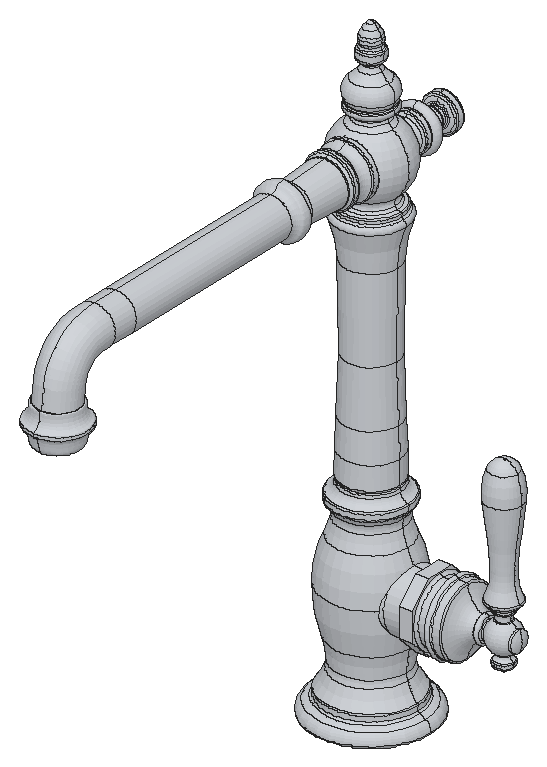
Revit family "Faucet-Kitchen_Sink-KOHLER-Artifacts-K-99266", category Plumbing Fixtures, host Face, Revit 2015 (continued)
Definition of nested family "K-99266"
  Lines and regions (in)
    Masking region 2
      outline origin (0, 0, 0) x (0, 1, 0) y (0, 0, 1)
        loop
          line (-0.66473, 9.89435) -> (-0.66473, 9.83618)
          arc (-0.66473, 9.83618) -> (-0.67259, 9.80929) -> (-0.69369, 9.79086) r 0.04995
          arc (-0.69369, 9.79086) -> (-0.74797, 9.73361) -> (-0.74816, 9.65471) r 0.10683
          arc (-0.74816, 9.65471) -> (-0.62552, 9.24225) -> (-0.57598, 8.81481) r 2.48157
          arc (-0.57598, 8.81481) -> (-0.55808, 7.902) -> (-0.55657, 6.98903) r 50.8622
          arc (-0.55657, 6.98903) -> (-0.5679, 6.37381) -> (-0.59287, 5.759) r 27.73623
          arc (-0.59287, 5.759) -> (-0.60713, 5.43268) -> (-0.61614, 5.10618) r 20.32695
          line (-0.61614, 5.10618) -> (-0.62598, 4.60312)
          arc (-0.62598, 4.60312) -> (-0.61837, 4.58397) -> (-0.59937, 4.57599) r 0.02661
          line (-0.59937, 4.57599) -> (-0.54559, 4.57599) -> (-0.60157, 4.56099)
          arc (-0.60157, 4.56099) -> (-0.61722, 4.55481) -> (-0.62442, 4.5396) r 0.0229
          arc (-0.62442, 4.5396) -> (-0.62772, 4.50883) -> (-0.63353, 4.47843) r 0.37771
          arc (-0.63353, 4.47843) -> (-0.69402, 4.3663) -> (-0.80287, 4.30007) r 0.24345
          arc (-0.80287, 4.30007) -> (-0.81556, 4.29131) -> (-0.82044, 4.27668) r 0.02435
          line (-0.82044, 4.27668) -> (-0.82044, 4.16101)
          arc (-0.82044, 4.16101) -> (-0.81713, 4.14355) -> (-0.80765, 4.12853) r 0.04761
          arc (-0.80765, 4.12853) -> (-0.75642, 4.06508) -> (-0.71474, 3.99498) r 0.57158
          arc (-0.71474, 3.99498) -> (-0.68633, 3.90276) -> (-0.68956, 3.80631) r 0.29179
          arc (-0.68956, 3.80631) -> (-0.73645, 3.62772) -> (-0.80344, 3.45566) r 1.61306
          arc (-0.80344, 3.45566) -> (-0.95793, 2.98867) -> (-1.00768, 2.49931) r 2.25907
          arc (-1.00768, 2.49931) -> (-0.96528, 1.99757) -> (-0.84688, 1.50815) r 3.29284
          arc (-0.84688, 1.50815) -> (-0.78771, 1.26508) -> (-0.7656, 1.01589) r 1.66656
          arc (-0.7656, 1.01589) -> (-0.77128, 0.93941) -> (-0.79021, 0.86509) r 0.43831
          arc (-0.79021, 0.86509) -> (-0.87889, 0.66678) -> (-0.9993, 0.48597) r 1.30208
          arc (-0.9993, 0.48597) -> (-1.00741, 0.47125) -> (-1.01021, 0.45469) r 0.05032
          line (-1.01021, 0.45469) -> (-1.01021, 0.35409)
          arc (-1.01021, 0.35409) -> (-1.02158, 0.3213) -> (-1.05081, 0.30257) r 0.05298
          arc (-1.05081, 0.30257) -> (-1.12218, 0.27792) -> (-1.1875, 0.24003) r 0.39168
          arc (-1.1875, 0.24003) -> (-1.27039, 0.14387) -> (-1.30021, 0.02048) r 0.27019
          arc (-1.30021, 0.02048) -> (-1.29421, 0.006) -> (-1.27974, 0) r 0.02048
          line (-1.27974, 0) -> (1.27974, 0)
          arc (1.27974, 0) -> (1.29421, 0.006) -> (1.30021, 0.02048) r 0.02048
    Masking region 3
      outline origin (0, 0, 0) x (1, 0, 0) y (0, 1, 0)
        loop
          arc (0.20222, 2.14226) -> (0.10421, 2.17988) -> (0, 2.19268) r 0.43075
          arc (0, 2.19268) -> (-0.10421, 2.17988) -> (-0.20222, 2.14226) r 0.43075
          arc (-0.20222, 2.14226) -> (-0.2344, 2.11794) -> (-0.2574, 2.08481) r 0.12784
          arc (-0.2574, 2.08481) -> (-0.26999, 2.06842) -> (-0.2881, 2.05845) r 0.05043
          line (-0.2881, 2.05845) -> (-0.38067, 2.03015)
          arc (-0.38067, 2.03015) -> (-0.3961, 2.01924) -> (-0.40202, 2.0013) r 0.03017
          line (-0.40202, 2.0013) -> (-0.40202, 1.879)
          arc (-0.40202, 1.879) -> (-0.39831, 1.86408) -> (-0.38806, 1.85262) r 0.03189
          arc (-0.38806, 1.85262) -> (-0.36732, 1.83914) -> (-0.34605, 1.82652) r 0.60339
          arc (-0.34605, 1.82652) -> (-0.30536, 1.80829) -> (-0.26199, 1.79796) r 0.2381
          arc (-0.26199, 1.79796) -> (-0.24199, 1.79367) -> (-0.22281, 1.78656) r 0.1428
          arc (-0.22281, 1.78656) -> (-0.20874, 1.77629) -> (-0.19988, 1.7613) r 0.0431
          arc (-0.19988, 1.7613) -> (-0.19184, 1.7329) -> (-0.18692, 1.7038) r 0.27224
          arc (-0.18692, 1.7038) -> (-0.19114, 1.68657) -> (-0.20553, 1.67621) r 0.02562
          arc (-0.20553, 1.67621) -> (-0.23116, 1.66028) -> (-0.24408, 1.63301) r 0.0535
          arc (-0.24408, 1.63301) -> (-0.23762, 1.59402) -> (-0.20911, 1.56667) r 0.06262
          arc (-0.20911, 1.56667) -> (-0.19431, 1.55234) -> (-0.19124, 1.53197) r 0.03217
          arc (-0.19124, 1.53197) -> (-0.20303, 1.50315) -> (-0.22565, 1.48173) r 0.07394
          arc (-0.22565, 1.48173) -> (-0.33419, 1.41882) -> (-0.44522, 1.36041) r 3.05802
          arc (-0.44522, 1.36041) -> (-0.50368, 1.29084) -> (-0.49303, 1.20059) r 0.11447
          arc (-0.49303, 1.20059) -> (-1.29786, 0.00777) -> (-0.50737, -1.1946) r 1.29788
          arc (-0.50737, -1.1946) -> (-0.50057, -1.20972) -> (-0.49675, -1.22585) r 0.08706
          arc (-0.49675, -1.22585) -> (-0.49483, -1.24209) -> (-0.49355, -1.2584) r 0.41994
          line (-0.49355, -1.2584) -> (-0.44029, -2.15988)
          arc (-0.44029, -2.15988) -> (-0.46405, -2.2613) -> (-0.53939, -2.33325) r 0.18267
          spline (-0.53939, -2.33325) -> (-0.55531, -2.34098) -> (-0.56996, -2.36186) -> (-0.57514, -2.39717) -> (-0.57498, -2.4373) -> (-0.5728, -2.47374) -> (-0.56846, -2.50211) -> (-0.56097, -2.51964) -> (-0.54729, -2.53166) -> (-0.52328, -2.54775) -> (-0.48762, -2.57739) -> (-0.45336, -2.62937) -> (-0.43804, -2.71226)
          line (-0.43804, -2.71226) -> (-0.43804, -8.02779)
          arc (-0.43804, -8.02779) -> (0, -9.14832) -> (0.43804, -8.02779) r 0.64589
          line (0.43804, -8.02779) -> (0.43804, -2.71226)
          spline (0.43804, -2.71226) -> (0.45336, -2.62937) -> (0.48762, -2.57739) -> (0.52328, -2.54775) -> (0.54729, -2.53166) -> (0.56097, -2.51964) -> (0.56846, -2.50211) -> (0.5728, -2.47374) -> (0.57498, -2.4373) -> (0.57514, -2.39717) -> (0.56996, -2.36186) -> (0.55531, -2.34098) -> (0.53939, -2.33325)
          arc (0.53939, -2.33325) -> (0.46405, -2.2613) -> (0.44029, -2.15988) r 0.18267
          line (0.44029, -2.15988) -> (0.49355, -1.2584)
          arc (0.49355, -1.2584) -> (0.49483, -1.24209) -> (0.49675, -1.22585) r 0.41994
          arc (0.49675, -1.22585) -> (0.50057, -1.20972) -> (0.50737, -1.1946) r 0.08706
          arc (0.50737, -1.1946) -> (0.85032, -0.98054) -> (1.11077, -0.67133) r 1.29788
          line (1.11077, -0.67133) -> (1.22963, -0.66655) -> (1.22963, -0.75335) -> (1.50398, -0.75335)
          arc (1.50398, -0.75335) -> (1.51571, -0.70392) -> (1.56064, -0.68021) r 0.06145
          line (1.56064, -0.68021) -> (1.77599, -0.67196) -> (1.77599, -0.76324)
          arc (1.77599, -0.76324) -> (1.82859, -0.79683) -> (1.88119, -0.76324) r 0.05798
          arc (1.88119, -0.76324) -> (1.89293, -0.7504) -> (1.90991, -0.74666) r 0.02881
          line (1.90991, -0.74666) -> (2.07431, -0.74666)
          arc (2.07431, -0.74666) -> (2.08901, -0.7361) -> (2.09337, -0.71854) r 0.0262
          spline (2.09337, -0.71854) -> (2.14708, -0.57184) -> (2.17672, -0.49317) -> (2.19104, -0.4586) -> (2.19879, -0.44424) -> (2.20794, -0.42937) -> (2.22269, -0.40861) -> (2.24588, -0.38134) -> (2.27488, -0.35078) -> (2.30126, -0.32416) -> (2.32126, -0.30611) -> (2.35355, -0.28845) -> (2.42317, -0.25939)
          arc (2.42317, -0.25939) -> (2.43897, -0.26343) -> (2.45115, -0.27427) r 0.03451
          arc (2.45115, -0.27427) -> (2.50604, -0.29603) -> (2.54425, -0.251) r 0.05065
          line (2.54425, -0.251) -> (2.54425, -0.18304)
          arc (2.54425, -0.18304) -> (2.85854, -0.38381) -> (3.19532, -0.22358) r 0.38455
          arc (3.19532, -0.22358) -> (3.21204, -0.22084) -> (3.22489, -0.20979) r 0.03132
          arc (3.22489, -0.20979) -> (3.27799, 0) -> (3.22489, 0.20979) r 0.441
          arc (3.22489, 0.20979) -> (3.21204, 0.22084) -> (3.19532, 0.22358) r 0.03132
          arc (3.19532, 0.22358) -> (2.85854, 0.38381) -> (2.54425, 0.18304) r 0.38455
          line (2.54425, 0.18304) -> (2.54425, 0.251)
          arc (2.54425, 0.251) -> (2.50604, 0.29603) -> (2.45115, 0.27427) r 0.05065
          arc (2.45115, 0.27427) -> (2.43897, 0.26343) -> (2.42317, 0.25939) r 0.03451
          spline (2.42317, 0.25939) -> (2.35355, 0.28845) -> (2.32126, 0.30611) -> (2.30126, 0.32416) -> (2.27488, 0.35078) -> (2.24588, 0.38134) -> (2.22269, 0.40861) -> (2.20794, 0.42937) -> (2.19879, 0.44424) -> (2.19104, 0.4586) -> (2.17672, 0.49317) -> (2.14708, 0.57184) -> (2.09337, 0.71854)
          arc (2.09337, 0.71854) -> (2.08901, 0.7361) -> (2.07431, 0.74666) r 0.0262
          line (2.07431, 0.74666) -> (1.90991, 0.74666)
          arc (1.90991, 0.74666) -> (1.89293, 0.7504) -> (1.88119, 0.76324) r 0.02881
          arc (1.88119, 0.76324) -> (1.82859, 0.79683) -> (1.77599, 0.76324) r 0.05798
          line (1.77599, 0.76324) -> (1.77599, 0.67196) -> (1.56064, 0.68021)
          arc (1.56064, 0.68021) -> (1.51571, 0.70392) -> (1.50398, 0.75335) r 0.06145
          line (1.50398, 0.75335) -> (1.22963, 0.75335) -> (1.22963, 0.66655) -> (1.11077, 0.67133)
          arc (1.11077, 0.67133) -> (0.84444, 0.98561) -> (0.49303, 1.20059) r 1.29788
          arc (0.49303, 1.20059) -> (0.50368, 1.29084) -> (0.44522, 1.36041) r 0.11447
          arc (0.44522, 1.36041) -> (0.33419, 1.41882) -> (0.22565, 1.48173) r 3.05802
          arc (0.22565, 1.48173) -> (0.20303, 1.50315) -> (0.19124, 1.53197) r 0.07394
          arc (0.19124, 1.53197) -> (0.19431, 1.55234) -> (0.20911, 1.56667) r 0.03217
          arc (0.20911, 1.56667) -> (0.23762, 1.59402) -> (0.24408, 1.63301) r 0.06262
          arc (0.24408, 1.63301) -> (0.23116, 1.66028) -> (0.20553, 1.67621) r 0.0535
          arc (0.20553, 1.67621) -> (0.19114, 1.68657) -> (0.18692, 1.7038) r 0.02562
          arc (0.18692, 1.7038) -> (0.19184, 1.7329) -> (0.19988, 1.7613) r 0.27224
          arc (0.19988, 1.7613) -> (0.20874, 1.77629) -> (0.22281, 1.78656) r 0.0431
          arc (0.22281, 1.78656) -> (0.24199, 1.79367) -> (0.26199, 1.79796) r 0.1428
          arc (0.26199, 1.79796) -> (0.30536, 1.80829) -> (0.34605, 1.82652) r 0.2381
          arc (0.34605, 1.82652) -> (0.36732, 1.83914) -> (0.38806, 1.85262) r 0.60339
          arc (0.38806, 1.85262) -> (0.39831, 1.86408) -> (0.40202, 1.879) r 0.03189
          line (0.40202, 1.879) -> (0.40202, 2.0013)
          arc (0.40202, 2.0013) -> (0.3961, 2.01924) -> (0.38067, 2.03015) r 0.03017
          line (0.38067, 2.03015) -> (0.2881, 2.05845)
          arc (0.2881, 2.05845) -> (0.26999, 2.06842) -> (0.2574, 2.08481) r 0.05043
          arc (0.2574, 2.08481) -> (0.2344, 2.11794) -> (0.20222, 2.14226) r 0.12784
    symbolic lines, detail levels medium+fine
      curve 1: arc (0.43542, 0, 10.78834) -> (0, 0, 11.22377) -> (-0.43542, 0, 10.78834) r 0.43542
      curve 2: line (-0.43542, 0, 9.75793) -> (0, 0, 9.75793)
      curve 3: line (0, 0, 9.75793) -> (0.43542, 0, 9.75793)
      curve 4: line (-0.44399, 0, 8.95285) -> (0.44399, 0, 8.95285)
      curve 5: line (-0.43542, 0, 10.78834) -> (-0.43542, 0, 9.75793)
      curve 6: line (0.43542, 0, 10.78834) -> (0.43542, 0, 9.75793)
      curve 7: line (0, 0, 9.75793) -> (0.43542, 0, 9.75793)
      curve 8: line (-0.4953, 0, 9.7234) -> (-0.4953, 0, 9.67956)
      curve 9: arc (-0.4953, 0, 9.67956) -> (-0.50275, 0, 9.60544) -> (-0.52481, 0, 9.53429) r 0.37235
      curve 10: arc (-0.52481, 0, 9.53429) -> (-0.56841, 0, 9.46389) -> (-0.63127, 0, 9.40999) r 0.2704
      curve 11: line (-0.64284, 0, 9.38919) -> (-0.64284, 0, 9.33023)
      curve 12: arc (-0.48018, 0, 8.98496) -> (-0.46818, 0, 8.96203) -> (-0.44399, 0, 8.95285) r 0.03645
      curve 13: line (-0.48018, 0, 8.98496) -> (-0.53642, 0, 9.22855)
      curve 14: arc (-0.53642, 0, 9.22855) -> (-0.55503, 0, 9.27347) -> (-0.59995, 0, 9.29208) r 0.06353
      curve 15: arc (-0.59995, 0, 9.29208) -> (-0.62865, 0, 9.303) -> (-0.64284, 0, 9.33023) r 0.04319
      curve 16: arc (-0.63127, 0, 9.40999) -> (-0.63975, 0, 9.40109) -> (-0.64284, 0, 9.38919) r 0.02446
      curve 17: line (-0.43542, 0, 9.75793) -> (-0.46076, 0, 9.75793)
      curve 18: arc (-0.46076, 0, 9.75793) -> (-0.48518, 0, 9.74782) -> (-0.4953, 0, 9.7234) r 0.03454
      curve 19: line (0.4953, 0, 9.7234) -> (0.4953, 0, 9.67956)
      curve 20: arc (0.4953, 0, 9.67956) -> (0.50275, 0, 9.60544) -> (0.52481, 0, 9.53429) r 0.37235
      curve 21: arc (0.52481, 0, 9.53429) -> (0.56841, 0, 9.46389) -> (0.63127, 0, 9.40999) r 0.2704
      curve 22: line (0.64284, 0, 9.38919) -> (0.64284, 0, 9.33023)
      curve 23: arc (0.48018, 0, 8.98496) -> (0.46818, 0, 8.96203) -> (0.44399, 0, 8.95285) r 0.03645
      curve 24: line (0.48018, 0, 8.98496) -> (0.53642, 0, 9.22855)
      curve 25: arc (0.53642, 0, 9.22855) -> (0.55503, 0, 9.27347) -> (0.59995, 0, 9.29208) r 0.06353
      curve 26: arc (0.59995, 0, 9.29208) -> (0.62865, 0, 9.303) -> (0.64284, 0, 9.33023) r 0.04319
      curve 27: arc (0.63127, 0, 9.40999) -> (0.63975, 0, 9.40109) -> (0.64284, 0, 9.38919) r 0.02446
      curve 28: line (0.43542, 0, 9.75793) -> (0.46076, 0, 9.75793)
      curve 29: arc (0.46076, 0, 9.75793) -> (0.48518, 0, 9.74782) -> (0.4953, 0, 9.7234) r 0.03454
      curve 30: line (-0.54559, 0, 4.57599) -> (0.54559, 0, 4.57599)
      curve 31: line (1.22973, 0, 3.13833) -> (1.22973, 0, 1.80089)
      curve 32: line (1.77608, 0, 1.7995) -> (1.77608, 0, 3.14407)
      curve 33: line (1.50398, 0, 3.2446) -> (1.50398, 0, 1.69036)
      curve 34: line (2.54434, 0, 2.67439) -> (2.54434, 0, 2.26917)
      curve 35: line (3.15618, 0, 2.69537) -> (3.15618, 0, 2.24009)
      curve 36: line (2.65626, 0, 3.04896) -> (3.11042, 0, 3.04896)
      curve 37: line (2.75882, 0, 2.1233) -> (3.00786, 0, 2.1233)
      curve 38: line (2.73143, 0, 2.81264) -> (3.03525, 0, 2.81264)
      curve 39: line (-1.01021, 0, 0.45469) -> (1.01021, 0, 0.45469)
      curve 40: line (-0.46919, 0, 11.85891) -> (0.46919, 0, 11.85891)
      curve 41: line (-0.64071, 0, 9.91836) -> (-0.43542, 0, 9.91836)
      curve 42: line (0.43542, 0, 9.91836) -> (0.64071, 0, 9.91836)
      curve 43: line (0, -8.96672, 9.75793) -> (0, -8.03814, 9.75793)
      curve 44: line (0, 1.14439, 10.38632) -> (0, 1.14439, 11.19036)
      curve 45: line (0, 2.05899, 11.07645) -> (0, 2.05899, 10.50024)
      curve 46: line (0, 0.75853, 11.12051) -> (0, 0.75853, 10.45576)
      curve 47: line (0, -1.22531, 11.28509) -> (0, -1.22531, 10.29159)
      curve 48: line (0, -1.0172, 11.33754) -> (0, -1.0172, 10.23914)
      curve 49: line (0, -2.33271, 11.32773) -> (0, -2.33271, 10.24895)
      curve 50: line (0, -2.53691, 11.32773) -> (0, -2.53691, 10.24895)
      curve 51: line (0, 0.64071, 9.91836) -> (0, -0.64071, 9.91836)
      curve 52: line (0, 1.05081, 0.30257) -> (0, -1.05081, 0.30257)
      curve 53: arc (0, 0.00046, 2.25953) -> (0, -0.22313, 2.48311) -> (0, 0.00046, 2.70669) r 0.22358
      curve 54: arc (0, 0.00046, 2.70669) -> (0, 0.22404, 2.48311) -> (0, 0.00046, 2.25953) r 0.22358
      curve 55: line (0, 0.17816, 2.34742) -> (0, -0.13523, 2.66081)
      curve 56: line (0, -0.17912, 2.61631) -> (0, 0.13366, 2.30354)
      curve 57: arc (0, -0.05423, 1.81238) -> (0, 0.00382, 1.79574) -> (0, 0.06064, 1.81621) r 0.0982
      curve 58: line (0, -0.37106, 5.13407) -> (0, -0.26236, 4.18093)
      curve 59: line (0, -0.26236, 4.18093) -> (0, -0.34958, 3.20359)
      curve 60: arc (0, -0.34958, 3.20359) -> (0, -0.3598, 3.18186) -> (0, -0.35557, 3.15822) r 0.03957
      curve 61: line (0, -0.22706, 3.05311) -> (0, -0.22706, 2.99918)
      curve 62: arc (0, -0.22706, 2.99918) -> (0, -0.21792, 2.98186) -> (0, -0.19908, 2.97652) r 0.02488
      curve 63: arc (0, -0.19908, 2.97652) -> (0, -0.17344, 2.96135) -> (0, -0.1601, 2.93473) r 0.05281
      curve 64: arc (0, -0.1601, 2.93473) -> (0, -0.15142, 2.89399) -> (0, -0.15003, 2.85236) r 0.23629
      curve 65: arc (0, -0.15189, 2.81678) -> (0, -0.15849, 2.79821) -> (0, -0.17285, 2.78471) r 0.04191
      curve 66: arc (0, -0.17285, 2.78471) -> (0, -0.34962, 2.4679) -> (0, -0.15063, 2.16455) r 0.35004
      curve 67: arc (0, -0.15063, 2.16455) -> (0, -0.12332, 2.10767) -> (0, -0.15063, 2.05078) r 0.07291
      curve 68: arc (0, -0.15063, 2.05078) -> (0, -0.17908, 2.03089) -> (0, -0.2099, 2.01489) r 0.26448
      curve 69: line (0, -0.21498, 2.00002) -> (0, -0.21498, 1.9384)
      curve 70: arc (0, -0.21498, 1.9384) -> (0, -0.20807, 1.92171) -> (0, -0.19137, 1.9148) r 0.02361
      curve 71: line (0, -0.16051, 1.90006) -> (0, -0.05534, 1.81314)
      curve 72: arc (0, -0.37106, 5.13407) -> (0, -0.37081, 5.43114) -> (0, -0.29671, 5.71882) r 1.18563
      curve 73: arc (0, -0.29671, 5.71882) -> (0, -0.18241, 5.87174) -> (0, 0.00046, 5.9266) r 0.30462
      curve 74: line (0, 0.37198, 5.13407) -> (0, 0.26327, 4.18093)
      curve 75: line (0, 0.26327, 4.18093) -> (0, 0.35049, 3.20359)
      curve 76: arc (0, 0.22797, 2.99918) -> (0, 0.21883, 2.98186) -> (0, 0.19999, 2.97652) r 0.02488
      curve 77: arc (0, 0.16101, 2.93473) -> (0, 0.15234, 2.89399) -> (0, 0.15095, 2.85236) r 0.23629
      curve 78: arc (0, 0.17377, 2.78471) -> (0, 0.35053, 2.4679) -> (0, 0.15154, 2.16455) r 0.35004
      curve 79: arc (0, 0.15154, 2.05078) -> (0, 0.17999, 2.03089) -> (0, 0.21081, 2.01489) r 0.26448
      curve 80: line (0, 0.16143, 1.90006) -> (0, 0.05532, 1.81237)
      curve 81: arc (0, 0.37198, 5.13407) -> (0, 0.37172, 5.43114) -> (0, 0.29763, 5.71882) r 1.18563
      curve 82: arc (0, 0.29763, 5.71882) -> (0, 0.18333, 5.87174) -> (0, 0.00046, 5.9266) r 0.30462
      curve 83: arc (0, 0.35049, 3.20359) -> (0, 0.36096, 3.18176) -> (0, 0.35721, 3.15783) r 0.04083
      curve 84: arc (0, -0.35374, 3.15601) -> (0, -0.29858, 3.09449) -> (0, -0.22706, 3.05311) r 0.2632
      curve 85: line (0, 0.22797, 3.05311) -> (0, 0.22797, 2.99918)
      curve 86: arc (0, 0.19999, 2.97652) -> (0, 0.17436, 2.96135) -> (0, 0.16101, 2.93473) r 0.05281
      curve 87: arc (0, 0.1528, 2.81678) -> (0, 0.1594, 2.79821) -> (0, 0.17377, 2.78471) r 0.04191
      curve 88: line (0, -0.15003, 2.85236) -> (0, -0.15209, 2.81488)
      curve 89: line (0, 0.15095, 2.85236) -> (0, 0.15301, 2.81488)
      curve 90: line (0, -0.22706, 3.05311) -> (0, 0.22797, 3.05311)
      curve 91: line (0, 0.21589, 2.00002) -> (0, 0.21589, 1.9384)
      curve 92: arc (0, 0.21589, 1.9384) -> (0, 0.20898, 1.92171) -> (0, 0.19229, 1.9148) r 0.02361
      curve 93: arc (0, -0.19137, 1.9148) -> (0, -0.17531, 1.90875) -> (0, -0.16051, 1.90006) r 0.10079
      curve 94: arc (0, 0.19229, 1.9148) -> (0, 0.17623, 1.90875) -> (0, 0.16143, 1.90006) r 0.10079
      curve 95: arc (0, 0.15154, 2.16455) -> (0, 0.12423, 2.10767) -> (0, 0.15154, 2.05078) r 0.07291
      curve 96: arc (0, -0.71706, 2.82881) -> (0, 0.25784, 1.72515) -> (0, 0.35684, 3.1944) r 0.79785
      curve 97: arc (0, -0.33222, 3.1272) -> (0, 0, 1.75324) -> (0, 0.33297, 3.12702) r 0.72719
      curve 98: line (0, -0.75289, 2.79298) -> (0, -0.71706, 2.82881)
      curve 99: line (0, -0.75289, 2.16889) -> (0, -0.75289, 2.21843)
      curve 100: line (0, -0.31159, 1.72758) -> (0, -0.34573, 1.76173)
      curve 101: line (0, 0.3125, 1.72758) -> (0, 0.26488, 1.72758)
      curve 102: line (0, 0.7538, 2.16889) -> (0, 0.7199, 2.13498)
      curve 103: line (0, 0.7538, 2.79298) -> (0, 0.7538, 2.74391)
      curve 104: line (0, -0.75289, 2.74244) -> (0, -0.75289, 2.79298)
      curve 105: line (0, -0.71799, 2.13399) -> (0, -0.75289, 2.16889)
      curve 106: line (0, -0.26345, 1.72758) -> (0, -0.31159, 1.72758)
      curve 107: line (0, 0.34617, 1.76125) -> (0, 0.3125, 1.72758)
      curve 108: line (0, 0.7538, 2.21696) -> (0, 0.7538, 2.16889)
      curve 109: line (0, 0.71897, 2.82781) -> (0, 0.7538, 2.79298)
      curve 110: arc (0, -0.35557, 3.15822) -> (0, 0.00004, 1.71987) -> (0, 0.35721, 3.15783) r 0.76324
      curve 111: arc (0, -0.35613, 3.19404) -> (0, -0.56678, 3.04125) -> (0, -0.71706, 2.82881) r 0.79785
      curve 112: arc (0, 0.35466, 3.15601) -> (0, 0.29949, 3.09449) -> (0, 0.22797, 3.05311) r 0.2632
      curve 113: arc (0, 0.00046, 5.9266) -> (0, -0.1793, 5.86728) -> (0, -0.29671, 5.71882) r 0.32937
      curve 114: arc (0, -0.29671, 5.71882) -> (0, -0.37277, 5.43136) -> (0, -0.37888, 5.13407) r 1.25185
      curve 115: line (0, -0.37888, 5.13407) -> (0, -0.34958, 3.20359)
      curve 116: arc (0, -0.34958, 3.20359) -> (0, -0.35982, 3.18052) -> (0, -0.35374, 3.15601) r 0.03892
      curve 117: arc (0, -0.35374, 3.15601) -> (0, -0.29858, 3.09449) -> (0, -0.22706, 3.05311) r 0.2632
      curve 118: line (0, -0.22706, 3.05311) -> (0, -0.22706, 2.99918)
      curve 119: line (0, -0.21498, 2.00002) -> (0, -0.21498, 1.9384)
      curve 120: arc (0, -0.10649, 1.85513) -> (0, -0.08127, 1.83264) -> (0, -0.05423, 1.81238) r 0.39479
      curve 121: arc (0, -0.16051, 1.90006) -> (0, -0.13263, 1.87864) -> (0, -0.10649, 1.85513) r 0.45307
      curve 122: arc (0, -0.19716, 1.91625) -> (0, -0.17802, 1.90999) -> (0, -0.16051, 1.90006) r 0.10079
      curve 123: arc (0, -0.21498, 1.9384) -> (0, -0.20997, 1.92418) -> (0, -0.19716, 1.91625) r 0.02268
      curve 124: arc (0, -0.19677, 2.02355) -> (0, -0.1414, 2.06211) -> (0, -0.1245, 2.12744) r 0.09716
      curve 125: arc (0, -0.21498, 2.00002) -> (0, -0.2099, 2.01489) -> (0, -0.19677, 2.02355) r 0.02431
      curve 126: arc (0, -0.15063, 2.16455) -> (0, -0.34962, 2.4679) -> (0, -0.17285, 2.78471) r 0.35004
      curve 127: arc (0, -0.1245, 2.12744) -> (0, -0.13271, 2.14942) -> (0, -0.15063, 2.16455) r 0.04633
      curve 128: arc (0, -0.15189, 2.81678) -> (0, -0.15102, 2.87834) -> (0, -0.16121, 2.93906) r 0.34202
      curve 129: arc (0, -0.17285, 2.78471) -> (0, -0.15849, 2.79821) -> (0, -0.15189, 2.81678) r 0.04191
      curve 130: arc (0, -0.16121, 2.93906) -> (0, -0.17816, 2.96585) -> (0, -0.20747, 2.97791) r 0.05228
      curve 131: arc (0, -0.22706, 2.99918) -> (0, -0.22142, 2.98473) -> (0, -0.20747, 2.97791) r 0.02134
      curve 132: arc (0, 0.15154, 2.16455) -> (0, 0.35053, 2.4679) -> (0, 0.17377, 2.78471) r 0.35004
      curve 133: arc (0, 0.12541, 2.12744) -> (0, 0.13362, 2.14942) -> (0, 0.15154, 2.16455) r 0.04633
      curve 134: arc (0, 0.1528, 2.81678) -> (0, 0.15194, 2.87834) -> (0, 0.16212, 2.93906) r 0.34202
      curve 135: arc (0, 0.19768, 2.02355) -> (0, 0.14231, 2.06211) -> (0, 0.12541, 2.12744) r 0.09716
      curve 136: arc (0, 0.16143, 1.90006) -> (0, 0.13354, 1.87864) -> (0, 0.1074, 1.85513) r 0.45307
      curve 137: arc (0, 0.19807, 1.91625) -> (0, 0.17894, 1.90999) -> (0, 0.16143, 1.90006) r 0.10079
      curve 138: arc (0, 0.1074, 1.85513) -> (0, 0.08477, 1.83477) -> (0, 0.06064, 1.81621) r 0.39479
      curve 139: arc (0, 0.21589, 1.9384) -> (0, 0.21088, 1.92418) -> (0, 0.19807, 1.91625) r 0.02268
      curve 140: arc (0, 0.21589, 2.00002) -> (0, 0.21081, 2.01489) -> (0, 0.19768, 2.02355) r 0.02431
      curve 141: line (0, 0.21589, 2.00002) -> (0, 0.21589, 1.9384)
      curve 142: arc (0, 0.17377, 2.78471) -> (0, 0.1594, 2.79821) -> (0, 0.1528, 2.81678) r 0.04191
      curve 143: arc (0, 0.35466, 3.15601) -> (0, 0.29949, 3.09449) -> (0, 0.22797, 3.05311) r 0.2632
      curve 144: line (0, 0.22797, 3.05311) -> (0, 0.22797, 2.99918)
      curve 145: arc (0, 0.16212, 2.93906) -> (0, 0.17907, 2.96585) -> (0, 0.20839, 2.97791) r 0.05228
      curve 146: arc (0, 0.22797, 2.99918) -> (0, 0.22233, 2.98473) -> (0, 0.20839, 2.97791) r 0.02134
      curve 147: line (0, 0.37979, 5.13407) -> (0, 0.35049, 3.20359)
      curve 148: arc (0, 0.35049, 3.20359) -> (0, 0.36073, 3.18052) -> (0, 0.35466, 3.15601) r 0.03892
      curve 149: arc (0, 0.00046, 5.9266) -> (0, 0.18021, 5.86728) -> (0, 0.29763, 5.71882) r 0.32937
      curve 150: arc (0, 0.29763, 5.71882) -> (0, 0.37368, 5.43136) -> (0, 0.37979, 5.13407) r 1.25185
      curve 151: line (0, -0.54559, 4.57599) -> (0, -0.31605, 4.57599)
      curve 152: line (0, 0.54559, 4.57599) -> (0, 0.3132, 4.57599)
      curve 153: line (1.22963, 0.75335, 0) -> (1.22963, 0, 0)
      curve 154: line (1.22963, 0, 0) -> (1.22963, -0.75335, 0)
      curve 155: line (1.50388, 0.75335, 0) -> (1.50388, 0, 0)
      curve 156: line (1.50388, 0, 0) -> (1.50388, -0.75335, 0)
      curve 157: line (1.77599, 0.76324, 0) -> (1.77599, 0, 0)
      curve 158: line (1.77599, 0, 0) -> (1.77599, -0.76324, 0)
      curve 159: line (2.49686, 0, 0) -> (3.2684, 0, 0)
      curve 160: circle (2.88263, 0, 0) r 0.38577 normal (0, 0, 1)
      curve 161: line (2.42317, 0.25939, 0) -> (2.42317, -0.25939, 0)
      curve 162: line (2.44718, 0.26954, 0) -> (2.44718, -0.26842, 0)
      curve 163: line (1.90991, 0.74666, 0) -> (1.90991, -0.74666, 0)
      curve 164: line (2.07431, 0.74666, 0) -> (2.07431, -0.74666, 0)
      curve 165: line (2.09337, 0.71854, 0) -> (2.09337, -0.71854, 0)
      curve 166: line (1.22963, 0.41618, 0) -> (1.50388, 0.41618, 0)
      curve 167: line (1.50388, -0.31205, 0) -> (1.22963, -0.31205, 0)
      curve 168: line (-0.43804, -8.02779, 0) -> (-0.43804, -8.50243, 0)
      curve 169: line (0.43804, -8.02779, 0) -> (0.43804, -8.50243, 0)
      curve 170: arc (-0.43804, -8.50243, 0) -> (0, -8.94047, 0) -> (0.43804, -8.50243, 0) r 0.43804
      curve 171: line (-0.49303, 1.20059, 0) -> (-0.49303, 0.74666, 0)
      curve 172: line (0.49303, 1.20059, 0) -> (0.49303, 0.74666, 0)
      curve 173: arc (0.5251, -0.72446, 0) -> (0.89454, 0.0195, 0) -> (0.49303, 0.74666, 0) r 0.89475
      curve 174: arc (-0.49303, 1.10822, 0) -> (-1.21294, 0.00529, 0) -> (-0.50268, -1.10388, 0) r 1.21295
      curve 175: line (-0.5251, -0.72446, 0) -> (-0.49355, -1.2584, 0)
      curve 176: line (0.5251, -0.72446, 0) -> (0.49355, -1.2584, 0)
      curve 177: arc (0.50268, -1.10388, 0) -> (1.21294, 0.00529, 0) -> (0.49303, 1.10822, 0) r 1.21295
      curve 178: arc (-0.49303, 0.74666, 0) -> (-0.89454, 0.0195, 0) -> (-0.5251, -0.72446, 0) r 0.89475
      curve 179: line (-0.49303, 0.74666, 0) -> (0.49303, 0.74666, 0)
      curve 180: line (-0.5251, -0.72446, 0) -> (0.5251, -0.72446, 0)
      curve 181: line (-0.53939, -2.33325, 0) -> (0.53939, -2.33325, 0)
      curve 182: line (0.53939, -2.53607, 0) -> (-0.53939, -2.53607, 0)
  Dimensions and locks (in)
    aligned and locked: plane 2 to level
Types (5): name | Type | Model | Finish
  (no name) | 1 | "K-99266-CP" | Kohler-Metal-CP-Polished_Chrome
  CP-Polished Chrome | 1 | "K-99266-CP" | Kohler-Metal-CP-Polished_Chrome
  SN-Vibrant Polished Nickel | 2 | "K-99266-SN" | Kohler-Metal-SN-Vibrant_Polished_Nickel
  VS-Vibrant Stainless | 3 | "K-99266-VS" | Kohler-Metal-VS-Vibrant_Stainless
  2BZ-Oil-Rubbed Bronze | 4 | "K-99266-2BZ" | Kohler-Metal-2BZ-Oil_Rubbed_Bronze
